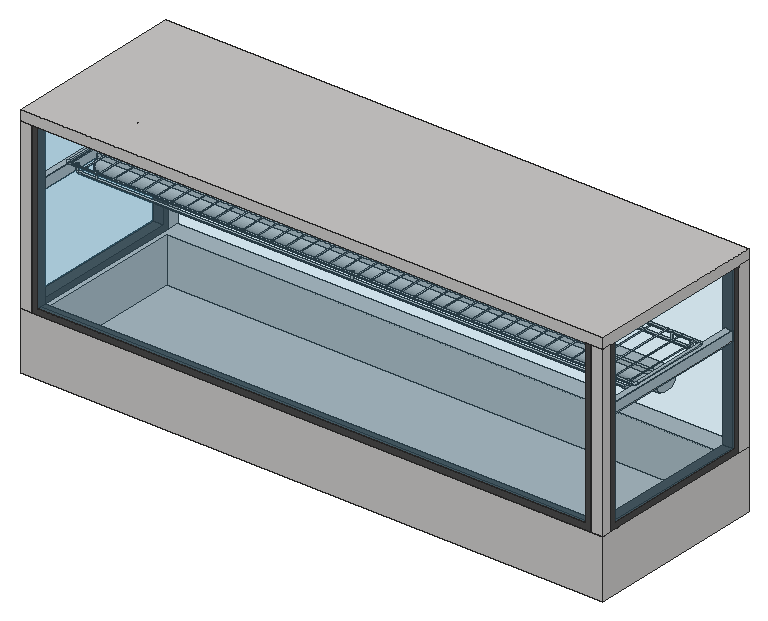
Revit family "QF_FESTIVE_DB20", category Specialty Equipment, Revit 2020
Family settings
  Round Connector Dimension = Use Diameter
  Part Type = Normal
  Work Plane-Based = No
  Always vertical = Yes
  Cut with Voids When Loaded = No
  Shared = No
  Room Calculation Point = No
Parameters (values of type "DB20")
  Weight in Pounds = 0
  Watts = if(Phase = 3, Volts * FL Amps * 1.73, Volts * FL Amps)  # 5742 W
  Volts = 220 V
  URL Cutsheet = ""
  Specification by User = ""
  Specification by Manufacturer = ""
  Serial Number = ""
  Seismic Rating = ""
  SMACNA No = ""
  Revision Code = ""
  Phase = 1
  Number of Poles = 1
  No. of Rail [instance] = Length / 50.8 mm  # 40
  NAFEM Spec ID Number = ""
  Model = "DB20"
  Min Ckt Ampacity = 0 A
  Max Overcurrent Protection = 0 A
  Masterspec = ""
  Manufacturer = "FESTIVE"
  Length = 2045 mm
  Item Number = ""
  Installed By = ""
  Identify Quantity as Lot = yes
  Height = 830 mm
  HP = ""
  Furnished By = ""
  Foodservice Equipment Identifier = yes
  FL Amps = 26.1 A
  Electrical Remarks = ""
  Electric Connection Type = ""
  Elec Conn RI Height = 0 mm
  Elec Conn Connection Height = 0 mm
  Description = "DEVON: BAIN MARIE"
  Depth = 640 mm
  Default Elevation = 0 mm
  Cycle = 50 Hz
  Conn Plug = ""
  Conn Conduit = yes
  CSI MasterFormat = ""
  Apparent Power = if(Phase = 3, Volts * FL Amps * 1.73, Volts * FL Amps)  # 5742 VA
Reference planes
  plane 1 "BACK": y = 0
  plane 2: z = 0
  plane 3 "LEFT": x = 0
  plane 4 "RIGHT": x = 2045
  plane 5 "FRONT": y = -640
  plane 6 "TOP": z = 830
  plane 7 "Center Y": x = 1022.5
  plane 8 "Center X": y = -320
  plane 9: z = 205
  plane 10: x = 1459.9
  plane 11: x = 40.989
  plane 12: x = 2004.011
Forms (mm)
  Extrusion 1, solid, material "QF_Metal - Stainless - Satin"
    sketch origin (0, 0, 0) x (0, 1, 0) y (0, 0, 1)
      loop
        line (0, 793) -> (0, 830) -> (-640, 830) -> (-640, 793) -> (0, 793)
    from 0 to 2045
  Extrusion 2, solid, material "QF_Metal - Stainless - Satin"
    sketch origin (0, 0, 0) x (0, 1, 0) y (0, 0, 1)
      loop
        line (0, 793) -> (-40.1, 793) -> (-40.1, 205) -> (0, 205) -> (0, 793)
    from 0 to 40.1
  Extrusion 3, solid, material "QF_Metal - Stainless - Satin"
    sketch origin (0, 0, 0) x (0, 1, 0) y (0, 0, 1)
      loop
        line (-608, 793) -> (-640, 793) -> (-640, 205) -> (-608, 205) -> (-608, 793)
    from 0 to 40.1
  Extrusion 4, solid, material "QF_Metal - Stainless - Satin"
    sketch origin (2045, 0, 0) x (0, -1, 0) y (0, 0, 1)
      loop
        line (0, 793) -> (0, 205) -> (40.1, 205) -> (40.1, 793) -> (0, 793)
    from 0 to 40.1
  Extrusion 5, solid, material "QF_Plastic - Black - Smooth"
    sketch origin (0, -640, 205) x (0, 0, -1) y (1, 0, 0)
      loop
        line (-588, 40.1) -> (0, 40.1) -> (0, 2004.9) -> (-588, 2004.9) -> (-588, 1984.9) -> (-20, 1984.9) -> (-20, 60.1) -> (-588, 60.1) -> (-588, 40.1)
    from 0 to -32
  Extrusion 6, solid, material "Glass"
    sketch origin (0, -640, 205) x (0, 0, -1) y (1, 0, 0)
      loop
        line (-588, 60.1) -> (-20, 60.1) -> (-20, 1984.9) -> (-588, 1984.9) -> (-588, 60.1)
    from 0 to -10
  Extrusion 7, solid, material "QF_Plastic - Black - Smooth"
    sketch origin (0, 0, 0) x (0, -1, 0) y (0, 0, 1)
      loop
        line (40.1, 793) -> (40.1, 205) -> (608, 205) -> (608, 793) -> (588, 793) -> (588, 225) -> (60.1, 225) -> (60.1, 793) -> (40.1, 793)
    from 0 to -40.1
  Extrusion 8, solid, material "Glass"
    sketch origin (0, 0, 0) x (0, 1, 0) y (0, 0, -1)
      loop
        line (-588, -793) -> (-60.1, -793) -> (-60.1, -225) -> (-588, -225) -> (-588, -793)
    from 0 to -5.1
  Sweep 9, solid, material "QF_Metal - Stainless - Satin"
    path origin (0, 0, 598.437) x (1, 0, 0) y (0, 1, 0)
      loop
        arc (33.118, -173.147) -> (27.808, -175.347) -> (25.609, -180.657) r 7.509
        line (25.609, -180.657) -> (25.609, -458.823)
        arc (25.609, -458.823) -> (27.805, -464.127) -> (33.109, -466.323) r 7.5
        line (33.109, -466.323) -> (2011.437, -466.323)
        arc (2011.437, -466.323) -> (2016.741, -464.127) -> (2018.937, -458.823) r 7.5
        line (2018.937, -458.823) -> (2018.937, -180.647)
        arc (2018.937, -180.647) -> (2016.741, -175.344) -> (2011.437, -173.147) r 7.5
        line (2011.437, -173.147) -> (33.118, -173.147)
    profile origin (1022.278, -173.147, 598.437) x (0, 1, 0) y (0, 0, 1)
      loop
        circle (0.813, 0) r 3.5
  Sweep 10, solid, material "QF_Metal - Stainless - Satin"
    path origin (0, -459.587, 0) x (1, 0, 0) y (0, 0, 1)
      loop
        line (56, 600.75) -> (56, 583.379)
        arc (56, 583.379) -> (58.255, 577.934) -> (63.7, 575.679) r 7.7
        line (63.7, 575.679) -> (1981.29, 575.679)
        arc (1981.29, 575.679) -> (1986.742, 577.937) -> (1989, 583.389) r 7.71
        line (1989, 583.389) -> (1989, 600.75)
    profile origin (56, -459.587, 592.064) x (0, -1, 0) y (1, 0, 0)
      loop
        circle (0, 0) r 3.5
  Extrusion 11, solid, material "QF_Metal - Stainless - Satin"
    sketch origin (-90, 0, 0) x (1, 0, 0) y (0, 1, 0)
      loop
        circle (214.245, -459.502) r 3.409
    from 576.5 to 600.75
  Extrusion 12, solid, material "QF_Metal - Stainless - Satin"
    sketch origin (483.255, 0, 0) x (1, 0, 0) y (0, 1, 0)
      loop
        circle (539.245, -459.502) r 3.409
    from 576.5 to 600.75
  Extrusion 13, solid, material "QF_Metal - Stainless - Satin"
    sketch origin (0, 0, 0) x (1, 0, 0) y (0, 0, 1)
      loop
        circle (42.498, 603.487) r 1.509
    from 173.5 to 466.5
  Sweep 14, solid, material "QF_Metal - Stainless - Satin"
    path origin (0, -180.413, 0) x (1, 0, 0) y (0, 0, -1)
      loop
        line (56, -600.75) -> (56, -583.379)
        arc (56, -583.379) -> (58.255, -577.934) -> (63.7, -575.679) r 7.7
        line (63.7, -575.679) -> (1981.29, -575.679)
        arc (1981.29, -575.679) -> (1986.742, -577.937) -> (1989, -583.389) r 7.71
        line (1989, -583.389) -> (1989, -600.75)
    profile origin (56, -180.413, 592.064) x (0, 1, 0) y (-1, 0, 0)
      loop
        circle (0, 0) r 3.5
  Extrusion 15, solid, material "QF_Metal - Stainless - Satin"
    sketch origin (-90, -640, 0) x (1, 0, 0) y (0, 1, 0)
      loop
        circle (214.245, 459.502) r 3.409
    from 576.5 to 600.75
  Extrusion 16, solid, material "QF_Metal - Stainless - Satin"
    sketch origin (483.255, -640, 0) x (1, 0, 0) y (0, 1, 0)
      loop
        circle (539.245, 459.502) r 3.409
    from 576.5 to 600.75
  Extrusion 17, solid, material "QF_Metal - Stainless - Satin"
    sketch origin (0, -650.445, 0) x (1, 0, 0) y (0, -1, 0)
      loop
        line (2045, -10.445) -> (0, -10.445) -> (0, -650.445) -> (2045, -650.445) -> (2045, -10.445)
      loop
        line (57, -65.445) -> (57, -580.445) -> (1990, -580.445) -> (1990, -65.445) -> (57, -65.445)
    from 0 to -205
  Extrusion 18, solid, material "QF_Metal - Stainless - Satin"
    sketch origin (0, -650.445, 0) x (0, 1, 0) y (1, 0, 0)
      loop
        line (65.445, 57) -> (580.445, 57) -> (580.445, 1990) -> (65.445, 1990) -> (65.445, 57)
    from 0 to -47
  Extrusion 19, solid, material "QF_Metal - Stainless - Satin"
    sketch origin (347, 0, -216.078) x (0, 1, 0) y (0, 0, 1)
      loop
        line (-345, 792.076) -> (-345, 776.085)
        arc (-345, 776.085) -> (-357.596, 753.232) -> (-345, 730.378) r 27.029
        arc (-345, 730.378) -> (-320, 727.581) -> (-295, 730.378) r 113.108
        arc (-295, 730.378) -> (-282.404, 753.232) -> (-295, 776.085) r 27.029
        line (-295, 776.085) -> (-295, 792.076)
        arc (-295, 792.076) -> (-295.856, 794.144) -> (-297.924, 795) r 2.924
        line (-297.924, 795) -> (-342.076, 795)
        arc (-342.076, 795) -> (-344.144, 794.144) -> (-345, 792.076) r 2.924
    from -313 to 1664
  Extrusion 20, solid, material "QF_Metal - Stainless - Satin"
    sketch origin (-28, 0, -216.078) x (0, 1, 0) y (0, 0, 1)
      loop
        arc (-295, 792.076) -> (-295.856, 794.144) -> (-297.924, 795) r 2.924
        line (-297.924, 795) -> (-342.076, 795)
        arc (-342.076, 795) -> (-344.144, 794.144) -> (-345, 792.076) r 2.924
        line (-345, 792.076) -> (-345, 776.085)
        arc (-345, 776.085) -> (-357.596, 753.232) -> (-345, 730.378) r 27.029
        arc (-345, 730.378) -> (-320, 727.581) -> (-295, 730.378) r 113.108
        arc (-295, 730.378) -> (-282.404, 753.232) -> (-295, 776.085) r 27.029
        line (-295, 776.085) -> (-295, 792.076)
      loop
        arc (-298.5, 786) -> (-298.793, 786.707) -> (-299.5, 787) r 1
        line (-299.5, 787) -> (-301.5, 787)
        arc (-301.5, 787) -> (-302.207, 786.707) -> (-302.5, 786) r 1
        line (-302.5, 786) -> (-302.5, 774)
        arc (-302.5, 774) -> (-302.207, 773.293) -> (-301.5, 773) r 1
        line (-301.5, 773) -> (-299.5, 773)
        arc (-299.5, 773) -> (-298.793, 773.293) -> (-298.5, 774) r 1
        line (-298.5, 774) -> (-298.5, 786)
      loop
        arc (-305, 786) -> (-305.293, 786.707) -> (-306, 787) r 1
        line (-306, 787) -> (-308, 787)
        arc (-308, 787) -> (-308.707, 786.707) -> (-309, 786) r 1
        line (-309, 786) -> (-309, 774)
        arc (-309, 774) -> (-308.707, 773.293) -> (-308, 773) r 1
        line (-308, 773) -> (-306, 773)
        arc (-306, 773) -> (-305.293, 773.293) -> (-305, 774) r 1
        line (-305, 774) -> (-305, 786)
      loop
        arc (-311.5, 786) -> (-311.793, 786.707) -> (-312.5, 787) r 1
        line (-312.5, 787) -> (-314.5, 787)
        arc (-314.5, 787) -> (-315.207, 786.707) -> (-315.5, 786) r 1
        line (-315.5, 786) -> (-315.5, 774)
        arc (-315.5, 774) -> (-315.207, 773.293) -> (-314.5, 773) r 1
        line (-314.5, 773) -> (-312.5, 773)
        arc (-312.5, 773) -> (-311.793, 773.293) -> (-311.5, 774) r 1
        line (-311.5, 774) -> (-311.5, 786)
      loop
        arc (-318, 786) -> (-318.293, 786.707) -> (-319, 787) r 1
        line (-319, 787) -> (-321, 787)
        arc (-321, 787) -> (-321.707, 786.707) -> (-322, 786) r 1
        line (-322, 786) -> (-322, 774)
        arc (-322, 774) -> (-321.707, 773.293) -> (-321, 773) r 1
        line (-321, 773) -> (-319, 773)
        arc (-319, 773) -> (-318.293, 773.293) -> (-318, 774) r 1
        line (-318, 774) -> (-318, 786)
      loop
        arc (-324.5, 786) -> (-324.793, 786.707) -> (-325.5, 787) r 1
        line (-325.5, 787) -> (-327.5, 787)
        arc (-327.5, 787) -> (-328.207, 786.707) -> (-328.5, 786) r 1
        line (-328.5, 786) -> (-328.5, 774)
        arc (-328.5, 774) -> (-328.207, 773.293) -> (-327.5, 773) r 1
        line (-327.5, 773) -> (-325.5, 773)
        arc (-325.5, 773) -> (-324.793, 773.293) -> (-324.5, 774) r 1
        line (-324.5, 774) -> (-324.5, 786)
      loop
        arc (-331, 786) -> (-331.293, 786.707) -> (-332, 787) r 1
        line (-332, 787) -> (-334, 787)
        arc (-334, 787) -> (-334.707, 786.707) -> (-335, 786) r 1
        line (-335, 786) -> (-335, 774)
        arc (-335, 774) -> (-334.707, 773.293) -> (-334, 773) r 1
        line (-334, 773) -> (-332, 773)
        arc (-332, 773) -> (-331.293, 773.293) -> (-331, 774) r 1
        line (-331, 774) -> (-331, 786)
      loop
        arc (-337.5, 786) -> (-337.793, 786.707) -> (-338.5, 787) r 1
        line (-338.5, 787) -> (-340.5, 787)
        arc (-340.5, 787) -> (-341.207, 786.707) -> (-341.5, 786) r 1
        line (-341.5, 786) -> (-341.5, 774)
        arc (-341.5, 774) -> (-341.207, 773.293) -> (-340.5, 773) r 1
        line (-340.5, 773) -> (-338.5, 773)
        arc (-338.5, 773) -> (-337.793, 773.293) -> (-337.5, 774) r 1
        line (-337.5, 774) -> (-337.5, 786)
    from 60.1 to 62
  Extrusion 21, solid, material "QF_Metal - Stainless - Satin", not visible
    sketch origin (0, 0, 201.118) x (0, 0, 1) y (1, 0, 0)
      loop
        line (-111.118, 1185.678) -> (-211.118, 1185.678) -> (-211.118, 855.678) -> (-111.118, 855.678) -> (-111.118, 1185.678)
    from 0 to 1.5
  Extrusion 22, solid, material "QF_Plastic - Black - Smooth", not visible
    sketch origin (37.803, 1.5, 184.282) x (0, 0, 1) y (1, 0, 0)
      loop
        line (-127.243, 1007.875) -> (-159.243, 1007.875) -> (-159.243, 993.875) -> (-127.243, 993.875) -> (-127.243, 1007.875)
      loop
        line (-155.243, 1004.875) -> (-155.243, 996.875) -> (-131.243, 996.875) -> (-131.243, 1004.875) -> (-155.243, 1004.875)
      loop
        circle (-144.275, 967.799) r 8.453
    from 0 to 1.5
  Extrusion 23, solid, material "QF_Plastic - Red - Smooth", not visible
    sketch origin (951.803, 1.5, 44.163) x (0, 0, -1) y (0, 1, 0)
      loop
        line (-10.247, 1.5) -> (15.125, 1.5) -> (15.125, 5.552)
        arc (15.125, 5.552) -> (2.51, 3.618) -> (-10.247, 3.224) r 105.368
        line (-10.247, 3.224) -> (-10.247, 1.5)
    from 82.875 to 90.875
  Revolve 24, solid, material "QF_Metal - Stainless - Satin", not visible
    sketch origin (955.614, 0, -14.69) x (0, 1, 0) y (0, 0, 1)
      loop
        line (9.399, 54.68) -> (9.399, 69.967) -> (3.413, 80.768) -> (1.5, 80.768) -> (1.5, 54.68) -> (9.399, 54.68)
      axis (1.5, 54.68) -> (9.399, 54.68)
    angle from 0 to 360
  Extrusion 25, solid, material "QF_Metal - Stainless - Satin", not visible
    sketch origin (955.614, 9.399, 39.989) x (-1, 0, 0) y (0, 0, 1)
      loop
        arc (0, 15.288) -> (-2.018, 15.154) -> (-4, 14.755) r 15.288
        line (-4, 14.755) -> (-4, -14.755)
        arc (-4, -14.755) -> (-2.018, -15.154) -> (0, -15.288) r 15.288
        arc (0, -15.288) -> (2.018, -15.154) -> (4, -14.755) r 15.288
        line (4, -14.755) -> (4, 14.755)
        arc (4, 14.755) -> (2.018, 15.154) -> (0, 15.288) r 15.288
    from 0 to 14.801
  Extrusion 26, solid, material "QF_Plastic - Red - Smooth", not visible
    sketch origin (37.803, 3, 184.282) x (0, 0, 1) y (1, 0, 0)
      loop
        circle (-144.275, 967.799) r 6.5
    from 0 to 4.052
  Extrusion 27, solid, material "QF_Metal - Stainless - Satin"
    sketch origin (0, -60.1, 753) x (0, 0, 1) y (-1, 0, 0)
      loop
        arc (-157.938, -9.475) -> (-158.37, -8.432) -> (-159.413, -8) r 1.475
        line (-159.413, -8) -> (-192.5, -8)
        arc (-192.5, -8) -> (-193.561, -8.439) -> (-194, -9.5) r 1.5
        line (-194, -9.5) -> (-194, -30.6)
        arc (-194, -30.6) -> (-193.561, -31.661) -> (-192.5, -32.1) r 1.5
        line (-192.5, -32.1) -> (-159.438, -32.1)
        arc (-159.438, -32.1) -> (-158.377, -31.661) -> (-157.938, -30.6) r 1.5
        line (-157.938, -30.6) -> (-157.938, -9.475)
      loop
        line (-157.938, -2035.525) -> (-157.938, -2014.4)
        arc (-157.938, -2014.4) -> (-158.377, -2013.339) -> (-159.438, -2012.9) r 1.5
        line (-159.438, -2012.9) -> (-192.5, -2012.9)
        arc (-192.5, -2012.9) -> (-193.561, -2013.339) -> (-194, -2014.4) r 1.5
        line (-194, -2014.4) -> (-194, -2035.5)
        arc (-194, -2035.5) -> (-193.561, -2036.561) -> (-192.5, -2037) r 1.5
        line (-192.5, -2037) -> (-159.413, -2037)
        arc (-159.413, -2037) -> (-158.37, -2036.568) -> (-157.938, -2035.525) r 1.475
    from 0 to 527.9
  Extrusion 28, solid, material "QF_Plastic - Black - Smooth"
    sketch origin (2045, 0, 0) x (0, -1, 0) y (0, 0, 1)
      loop
        line (40.1, 793) -> (40.1, 205) -> (608, 205) -> (608, 793) -> (588, 793) -> (588, 225) -> (60.1, 225) -> (60.1, 793) -> (40.1, 793)
    from 40 to 0
  Extrusion 29, solid, material "Glass"
    sketch origin (2045, 0, 0) x (0, -1, 0) y (0, 0, 1)
      loop
        line (588, 793) -> (60.1, 793) -> (60.1, 225) -> (588, 225) -> (588, 793)
    from 5 to 0
  Extrusion 30, solid, material "QF_Metal - Stainless - Satin"
    sketch origin (1.822, 0, 216.118) x (0, 0, 1) y (1, 0, 0)
      loop
        line (-111.118, 1185.678) -> (-211.118, 1185.678) -> (-211.118, 855.678) -> (-111.118, 855.678) -> (-111.118, 1185.678)
    from 0 to 1.5
  Extrusion 31, solid, material "QF_Plastic - Black - Smooth"
    sketch origin (39.625, 1.5, 199.282) x (0, 0, 1) y (1, 0, 0)
      loop
        line (-127.243, 1007.875) -> (-159.243, 1007.875) -> (-159.243, 993.875) -> (-127.243, 993.875) -> (-127.243, 1007.875)
      loop
        line (-155.243, 1004.875) -> (-155.243, 996.875) -> (-131.243, 996.875) -> (-131.243, 1004.875) -> (-155.243, 1004.875)
      loop
        circle (-144.275, 967.799) r 8.453
    from 0 to 1.5
  Extrusion 32, solid, material "QF_Plastic - Red - Smooth"
    sketch origin (953.625, 1.5, 59.163) x (0, 0, -1) y (0, 1, 0)
      loop
        line (-10.247, 1.5) -> (15.125, 1.5) -> (15.125, 5.552)
        arc (15.125, 5.552) -> (2.51, 3.618) -> (-10.247, 3.224) r 105.368
        line (-10.247, 3.224) -> (-10.247, 1.5)
    from 82.875 to 90.875
  Revolve 33, solid, material "QF_Metal - Stainless - Satin"
    sketch origin (957.436, 0, 0.31) x (0, 1, 0) y (0, 0, 1)
      loop
        line (9.399, 54.68) -> (9.399, 69.967) -> (3.413, 80.768) -> (1.5, 80.768) -> (1.5, 54.68) -> (9.399, 54.68)
      axis (1.5, 54.68) -> (9.399, 54.68)
    angle from 0 to 360
  Extrusion 34, solid, material "QF_Metal - Stainless - Satin"
    sketch origin (957.436, 9.399, 54.989) x (-1, 0, 0) y (0, 0, 1)
      loop
        arc (0, 15.288) -> (-2.018, 15.154) -> (-4, 14.755) r 15.288
        line (-4, 14.755) -> (-4, -14.755)
        arc (-4, -14.755) -> (-2.018, -15.154) -> (0, -15.288) r 15.288
        arc (0, -15.288) -> (2.018, -15.154) -> (4, -14.755) r 15.288
        line (4, -14.755) -> (4, 14.755)
        arc (4, 14.755) -> (2.018, 15.154) -> (0, 15.288) r 15.288
    from 0 to 14.801
  Extrusion 35, solid, material "QF_Plastic - Red - Smooth"
    sketch origin (39.625, 3, 199.282) x (0, 0, 1) y (1, 0, 0)
      loop
        circle (-144.275, 967.799) r 6.5
    from 0 to 4.052
  Extrusion 36, solid, material "QF_Metal - Stainless - Satin"
    sketch origin (1160, 0, 0) x (-1, 0, 0) y (0, -1, 0)
      loop
        circle (-760.755, 459.502) r 3.409
    from 576.5 to 600.75
  Extrusion 37, solid, material "QF_Metal - Stainless - Satin"
    sketch origin (1160, -640, 0) x (-1, 0, 0) y (0, -1, 0)
      loop
        circle (-760.755, -459.502) r 3.409
    from 576.5 to 600.75
  Extrusion 38, solid, material "QF_Metal - Stainless - Satin"
    sketch origin (773, 0, -216.078) x (0, 1, 0) y (0, 0, -1)
      loop
        line (-295, -792.076) -> (-295, -776.085)
        arc (-295, -776.085) -> (-282.404, -753.232) -> (-295, -730.378) r 27.029
        arc (-295, -730.378) -> (-320, -727.581) -> (-345, -730.378) r 113.108
        arc (-345, -730.378) -> (-357.596, -753.232) -> (-345, -776.085) r 27.029
        line (-345, -776.085) -> (-345, -792.076)
        arc (-345, -792.076) -> (-344.144, -794.144) -> (-342.076, -795) r 2.924
        line (-342.076, -795) -> (-297.924, -795)
        arc (-297.924, -795) -> (-295.856, -794.144) -> (-295, -792.076) r 2.924
      loop
        line (-298.5, -786) -> (-298.5, -774)
        arc (-298.5, -774) -> (-298.793, -773.293) -> (-299.5, -773) r 1
        line (-299.5, -773) -> (-301.5, -773)
        arc (-301.5, -773) -> (-302.207, -773.293) -> (-302.5, -774) r 1
        line (-302.5, -774) -> (-302.5, -786)
        arc (-302.5, -786) -> (-302.207, -786.707) -> (-301.5, -787) r 1
        line (-301.5, -787) -> (-299.5, -787)
        arc (-299.5, -787) -> (-298.793, -786.707) -> (-298.5, -786) r 1
      loop
        line (-305, -786) -> (-305, -774)
        arc (-305, -774) -> (-305.293, -773.293) -> (-306, -773) r 1
        line (-306, -773) -> (-308, -773)
        arc (-308, -773) -> (-308.707, -773.293) -> (-309, -774) r 1
        line (-309, -774) -> (-309, -786)
        arc (-309, -786) -> (-308.707, -786.707) -> (-308, -787) r 1
        line (-308, -787) -> (-306, -787)
        arc (-306, -787) -> (-305.293, -786.707) -> (-305, -786) r 1
      loop
        line (-311.5, -786) -> (-311.5, -774)
        arc (-311.5, -774) -> (-311.793, -773.293) -> (-312.5, -773) r 1
        line (-312.5, -773) -> (-314.5, -773)
        arc (-314.5, -773) -> (-315.207, -773.293) -> (-315.5, -774) r 1
        line (-315.5, -774) -> (-315.5, -786)
        arc (-315.5, -786) -> (-315.207, -786.707) -> (-314.5, -787) r 1
        line (-314.5, -787) -> (-312.5, -787)
        arc (-312.5, -787) -> (-311.793, -786.707) -> (-311.5, -786) r 1
      loop
        line (-318, -786) -> (-318, -774)
        arc (-318, -774) -> (-318.293, -773.293) -> (-319, -773) r 1
        line (-319, -773) -> (-321, -773)
        arc (-321, -773) -> (-321.707, -773.293) -> (-322, -774) r 1
        line (-322, -774) -> (-322, -786)
        arc (-322, -786) -> (-321.707, -786.707) -> (-321, -787) r 1
        line (-321, -787) -> (-319, -787)
        arc (-319, -787) -> (-318.293, -786.707) -> (-318, -786) r 1
      loop
        line (-324.5, -786) -> (-324.5, -774)
        arc (-324.5, -774) -> (-324.793, -773.293) -> (-325.5, -773) r 1
        line (-325.5, -773) -> (-327.5, -773)
        arc (-327.5, -773) -> (-328.207, -773.293) -> (-328.5, -774) r 1
        line (-328.5, -774) -> (-328.5, -786)
        arc (-328.5, -786) -> (-328.207, -786.707) -> (-327.5, -787) r 1
        line (-327.5, -787) -> (-325.5, -787)
        arc (-325.5, -787) -> (-324.793, -786.707) -> (-324.5, -786) r 1
      loop
        line (-331, -786) -> (-331, -774)
        arc (-331, -774) -> (-331.293, -773.293) -> (-332, -773) r 1
        line (-332, -773) -> (-334, -773)
        arc (-334, -773) -> (-334.707, -773.293) -> (-335, -774) r 1
        line (-335, -774) -> (-335, -786)
        arc (-335, -786) -> (-334.707, -786.707) -> (-334, -787) r 1
        line (-334, -787) -> (-332, -787)
        arc (-332, -787) -> (-331.293, -786.707) -> (-331, -786) r 1
      loop
        line (-337.5, -786) -> (-337.5, -774)
        arc (-337.5, -774) -> (-337.793, -773.293) -> (-338.5, -773) r 1
        line (-338.5, -773) -> (-340.5, -773)
        arc (-340.5, -773) -> (-341.207, -773.293) -> (-341.5, -774) r 1
        line (-341.5, -774) -> (-341.5, -786)
        arc (-341.5, -786) -> (-341.207, -786.707) -> (-340.5, -787) r 1
        line (-340.5, -787) -> (-338.5, -787)
        arc (-338.5, -787) -> (-337.793, -786.707) -> (-337.5, -786) r 1
    from -1239.9 to -1238
  Extrusion 39, solid, material "QF_Metal - Stainless - Satin"
    sketch origin (0, 0, 0) x (1, 0, 0) y (0, 0, -1)
      loop
        circle (56, -30) r 6.35
    from 0 to 3.2
  Extrusion 40, solid, material "QF_Metal - Stainless - Satin"
    sketch origin (2045, 0, 0) x (0, -1, 0) y (0, 0, 1)
      loop
        line (608, 793) -> (608, 205) -> (640, 205) -> (640, 793) -> (608, 793)
    from 0 to 40.1
  Extrusion 41, solid, material "QF_Metal - Stainless - Satin"
    sketch origin (1960.003, 0, 0) x (1, 0, 0) y (0, 0, 1)
      loop
        circle (42.498, 603.487) r 1.509
    from 173.5 to 466.5
  Extrusion 42, solid, material "QF_Metal - Stainless - Satin"
    sketch origin (50.256, 0, 0) x (1, 0, 0) y (0, 0, 1)
      loop
        circle (42.498, 603.487) r 1.509
    from 173.5 to 466.5
  Extrusion 43, solid, material "QF_Metal - Stainless - Satin"
    sketch origin (100.513, 0, 0) x (1, 0, 0) y (0, 0, 1)
      loop
        circle (42.498, 603.487) r 1.509
    from 173.5 to 466.5
  Extrusion 44, solid, material "QF_Metal - Stainless - Satin"
    sketch origin (150.769, 0, 0) x (1, 0, 0) y (0, 0, 1)
      loop
        circle (42.498, 603.487) r 1.509
    from 173.5 to 466.5
  Extrusion 45, solid, material "QF_Metal - Stainless - Satin"
    sketch origin (201.026, 0, 0) x (1, 0, 0) y (0, 0, 1)
      loop
        circle (42.498, 603.487) r 1.509
    from 173.5 to 466.5
  Extrusion 46, solid, material "QF_Metal - Stainless - Satin"
    sketch origin (251.282, 0, 0) x (1, 0, 0) y (0, 0, 1)
      loop
        circle (42.498, 603.487) r 1.509
    from 173.5 to 466.5
  Extrusion 47, solid, material "QF_Metal - Stainless - Satin"
    sketch origin (301.539, 0, 0) x (1, 0, 0) y (0, 0, 1)
      loop
        circle (42.498, 603.487) r 1.509
    from 173.5 to 466.5
  Extrusion 48, solid, material "QF_Metal - Stainless - Satin"
    sketch origin (351.795, 0, 0) x (1, 0, 0) y (0, 0, 1)
      loop
        circle (42.498, 603.487) r 1.509
    from 173.5 to 466.5
  Extrusion 49, solid, material "QF_Metal - Stainless - Satin"
    sketch origin (402.052, 0, 0) x (1, 0, 0) y (0, 0, 1)
      loop
        circle (42.498, 603.487) r 1.509
    from 173.5 to 466.5
  Extrusion 50, solid, material "QF_Metal - Stainless - Satin"
    sketch origin (452.308, 0, 0) x (1, 0, 0) y (0, 0, 1)
      loop
        circle (42.498, 603.487) r 1.509
    from 173.5 to 466.5
  Extrusion 51, solid, material "QF_Metal - Stainless - Satin"
    sketch origin (502.565, 0, 0) x (1, 0, 0) y (0, 0, 1)
      loop
        circle (42.498, 603.487) r 1.509
    from 173.5 to 466.5
  Extrusion 52, solid, material "QF_Metal - Stainless - Satin"
    sketch origin (552.821, 0, 0) x (1, 0, 0) y (0, 0, 1)
      loop
        circle (42.498, 603.487) r 1.509
    from 173.5 to 466.5
  Extrusion 53, solid, material "QF_Metal - Stainless - Satin"
    sketch origin (603.078, 0, 0) x (1, 0, 0) y (0, 0, 1)
      loop
        circle (42.498, 603.487) r 1.509
    from 173.5 to 466.5
  Extrusion 54, solid, material "QF_Metal - Stainless - Satin"
    sketch origin (653.334, 0, 0) x (1, 0, 0) y (0, 0, 1)
      loop
        circle (42.498, 603.487) r 1.509
    from 173.5 to 466.5
  Extrusion 55, solid, material "QF_Metal - Stainless - Satin"
    sketch origin (703.591, 0, 0) x (1, 0, 0) y (0, 0, 1)
      loop
        circle (42.498, 603.487) r 1.509
    from 173.5 to 466.5
  Extrusion 56, solid, material "QF_Metal - Stainless - Satin"
    sketch origin (753.847, 0, 0) x (1, 0, 0) y (0, 0, 1)
      loop
        circle (42.498, 603.487) r 1.509
    from 173.5 to 466.5
  Extrusion 57, solid, material "QF_Metal - Stainless - Satin"
    sketch origin (804.104, 0, 0) x (1, 0, 0) y (0, 0, 1)
      loop
        circle (42.498, 603.487) r 1.509
    from 173.5 to 466.5
  Extrusion 58, solid, material "QF_Metal - Stainless - Satin"
    sketch origin (854.36, 0, 0) x (1, 0, 0) y (0, 0, 1)
      loop
        circle (42.498, 603.487) r 1.509
    from 173.5 to 466.5
  Extrusion 59, solid, material "QF_Metal - Stainless - Satin"
    sketch origin (904.617, 0, 0) x (1, 0, 0) y (0, 0, 1)
      loop
        circle (42.498, 603.487) r 1.509
    from 173.5 to 466.5
  Extrusion 60, solid, material "QF_Metal - Stainless - Satin"
    sketch origin (954.873, 0, 0) x (1, 0, 0) y (0, 0, 1)
      loop
        circle (42.498, 603.487) r 1.509
    from 173.5 to 466.5
  Extrusion 61, solid, material "QF_Metal - Stainless - Satin"
    sketch origin (1005.13, 0, 0) x (1, 0, 0) y (0, 0, 1)
      loop
        circle (42.498, 603.487) r 1.509
    from 173.5 to 466.5
  Extrusion 62, solid, material "QF_Metal - Stainless - Satin"
    sketch origin (1055.386, 0, 0) x (1, 0, 0) y (0, 0, 1)
      loop
        circle (42.498, 603.487) r 1.509
    from 173.5 to 466.5
  Extrusion 63, solid, material "QF_Metal - Stainless - Satin"
    sketch origin (1105.643, 0, 0) x (1, 0, 0) y (0, 0, 1)
      loop
        circle (42.498, 603.487) r 1.509
    from 173.5 to 466.5
  Extrusion 64, solid, material "QF_Metal - Stainless - Satin"
    sketch origin (1155.899, 0, 0) x (1, 0, 0) y (0, 0, 1)
      loop
        circle (42.498, 603.487) r 1.509
    from 173.5 to 466.5
  Extrusion 65, solid, material "QF_Metal - Stainless - Satin"
    sketch origin (1206.156, 0, 0) x (1, 0, 0) y (0, 0, 1)
      loop
        circle (42.498, 603.487) r 1.509
    from 173.5 to 466.5
  Extrusion 66, solid, material "QF_Metal - Stainless - Satin"
    sketch origin (1256.412, 0, 0) x (1, 0, 0) y (0, 0, 1)
      loop
        circle (42.498, 603.487) r 1.509
    from 173.5 to 466.5
  Extrusion 67, solid, material "QF_Metal - Stainless - Satin"
    sketch origin (1306.669, 0, 0) x (1, 0, 0) y (0, 0, 1)
      loop
        circle (42.498, 603.487) r 1.509
    from 173.5 to 466.5
  Extrusion 68, solid, material "QF_Metal - Stainless - Satin"
    sketch origin (1356.925, 0, 0) x (1, 0, 0) y (0, 0, 1)
      loop
        circle (42.498, 603.487) r 1.509
    from 173.5 to 466.5
  Extrusion 69, solid, material "QF_Metal - Stainless - Satin"
    sketch origin (1407.182, 0, 0) x (1, 0, 0) y (0, 0, 1)
      loop
        circle (42.498, 603.487) r 1.509
    from 173.5 to 466.5
  Extrusion 70, solid, material "QF_Metal - Stainless - Satin"
    sketch origin (1457.438, 0, 0) x (1, 0, 0) y (0, 0, 1)
      loop
        circle (42.498, 603.487) r 1.509
    from 173.5 to 466.5
  Extrusion 71, solid, material "QF_Metal - Stainless - Satin"
    sketch origin (1507.695, 0, 0) x (1, 0, 0) y (0, 0, 1)
      loop
        circle (42.498, 603.487) r 1.509
    from 173.5 to 466.5
  Extrusion 72, solid, material "QF_Metal - Stainless - Satin"
    sketch origin (1557.951, 0, 0) x (1, 0, 0) y (0, 0, 1)
      loop
        circle (42.498, 603.487) r 1.509
    from 173.5 to 466.5
  Extrusion 73, solid, material "QF_Metal - Stainless - Satin"
    sketch origin (1608.208, 0, 0) x (1, 0, 0) y (0, 0, 1)
      loop
        circle (42.498, 603.487) r 1.509
    from 173.5 to 466.5
  Extrusion 74, solid, material "QF_Metal - Stainless - Satin"
    sketch origin (1658.464, 0, 0) x (1, 0, 0) y (0, 0, 1)
      loop
        circle (42.498, 603.487) r 1.509
    from 173.5 to 466.5
  Extrusion 75, solid, material "QF_Metal - Stainless - Satin"
    sketch origin (1708.721, 0, 0) x (1, 0, 0) y (0, 0, 1)
      loop
        circle (42.498, 603.487) r 1.509
    from 173.5 to 466.5
  Extrusion 76, solid, material "QF_Metal - Stainless - Satin"
    sketch origin (1758.977, 0, 0) x (1, 0, 0) y (0, 0, 1)
      loop
        circle (42.498, 603.487) r 1.509
    from 173.5 to 466.5
  Extrusion 77, solid, material "QF_Metal - Stainless - Satin"
    sketch origin (1809.234, 0, 0) x (1, 0, 0) y (0, 0, 1)
      loop
        circle (42.498, 603.487) r 1.509
    from 173.5 to 466.5
  Extrusion 78, solid, material "QF_Metal - Stainless - Satin"
    sketch origin (1859.49, 0, 0) x (1, 0, 0) y (0, 0, 1)
      loop
        circle (42.498, 603.487) r 1.509
    from 173.5 to 466.5
  Extrusion 79, solid, material "QF_Metal - Stainless - Satin"
    sketch origin (1909.747, 0, 0) x (1, 0, 0) y (0, 0, 1)
      loop
        circle (42.498, 603.487) r 1.509
    from 173.5 to 466.5
Cuts and joins
  joined: Extrusion 17, Extrusion 18
Lines and regions (mm)
  symbolic lines
    curve 1: line (0, 0, 0) -> (2045, 0, 0)
    curve 2: line (0, -640, 0) -> (0, 0, 0)
    curve 3: line (2045, -640, 0) -> (0, -640, 0)
    curve 4: line (2045, 0, 0) -> (2045, -640, 0)
Dimensions and locks
  equal spacing: plane 3 "LEFT", plane 7 "Center Y", plane 4 "RIGHT"
  "Length": plane 3 "LEFT" to plane 4 "RIGHT"
  equal spacing: plane 5 "FRONT", plane 8 "Center X", plane 1 "BACK"
  "Depth": plane 5 "FRONT" to plane 1 "BACK"
  "Height": plane 6 "TOP" to level
  plane 9 to plane 2 = 205 mm  (x2)
  plane 6 "TOP" to plane 9 = 625 mm  (x2)
  plane 1 "BACK" to plane 5 "FRONT" = 640 mm
  Extrusion 39 sketch curve to plane 3 "LEFT" = 56 mm
  level to Extrusion 39 sketch curve = 30 mm
  Extrusion 27 sketch curve to Extrusion 27 sketch curve to plane 4 "RIGHT" = 24.1 mm locked, 8 mm locked
  Extrusion 38 to Extrusion 38 to plane 4 "RIGHT" = 1.9 mm locked, 32.1 mm locked
  Extrusion 5 sketch curve to Extrusion 5 sketch curve to plane 4 "RIGHT" = 20 mm locked, 40.1 mm locked
  locked: Extrusion 6 sketch curve to plane 4 "RIGHT" at 60.1
  equal spacing: group 3, group 5, group 6, group 7, group 8, group 9, group 10, group 11, group 12, group 13, group 14, group 15, group 16, group 17, group 18, group 19, group 20, group 21, group 22, group 23, group 24, group 25, group 26, group 27, group 28, group 29, group 30, group 31, group 32, group 33, group 34, group 35, group 36, group 37, group 38, group 39, group 40, group 41, group 42, group 4  (x3)
  locked: plane 12 to plane 4 "RIGHT" at 40.989
  locked: Extrusion 30 to plane 7 "Center Y" at 165
  aligned and locked: level to plane 2
  aligned and locked: Extrusion 19 to Extrusion 38
  aligned and locked: Extrusion 1 to plane 4 "RIGHT"
  aligned and locked: plane 12 to Extrusion 41
Automatic sketch dimensions
  Extrusion 23 sketch curve to Extrusion 23 sketch curve = 25.372 mm
  Extrusion 23 sketch curve to Extrusion 23 sketch curve = 1.724 mm
  Extrusion 23 sketch curve to Extrusion 23 sketch curve = 4.052 mm
  Revolve 24 sketch curve to Revolve 24 sketch curve = 1.913 mm
  Revolve 24 sketch curve to Revolve 24 sketch curve = 15.288 mm
  Revolve 24 sketch curve to Revolve 24 sketch curve = 10.8 mm
  Revolve 24 sketch curve to Revolve 24 sketch curve = 3.129 mm
  Revolve 24 sketch curve to Revolve 24 sketch curve = 16.871 mm
  Revolve 24 sketch curve to Revolve 24 sketch curve = 0 mm
  Extrusion 25 sketch curve to Extrusion 25 sketch curve = 0 mm  (x2)
  Revolve 24 to Extrusion 25 sketch curve = 4 mm
  Extrusion 25 sketch curve to Revolve 24 = 4 mm
  Extrusion 21 sketch curve to Extrusion 21 sketch curve = 100 mm
  Extrusion 23 sketch curve to Extrusion 23 sketch curve = 3.127 mm
  Revolve 24 sketch curve to Revolve 24 sketch curve = 5.987 mm
  Extrusion 32 sketch curve to Extrusion 32 sketch curve = 25.372 mm
  Extrusion 32 sketch curve to Extrusion 32 sketch curve = 1.724 mm
  Extrusion 32 sketch curve to Extrusion 32 sketch curve = 4.052 mm
  Revolve 33 sketch curve to Revolve 33 sketch curve = 1.913 mm
  Revolve 33 sketch curve to Revolve 33 sketch curve = 15.288 mm
  Revolve 33 sketch curve to Revolve 33 sketch curve = 10.8 mm
  Revolve 33 sketch curve to Revolve 33 sketch curve = 3.129 mm
  Revolve 33 sketch curve to Revolve 33 sketch curve = 16.871 mm
  Revolve 33 sketch curve to Revolve 33 sketch curve = 0 mm
  Extrusion 34 sketch curve to Extrusion 34 sketch curve = 0 mm  (x2)
  Revolve 33 to Extrusion 34 sketch curve = 4 mm
  Extrusion 34 sketch curve to Revolve 33 = 4 mm
  Extrusion 30 sketch curve to Extrusion 30 sketch curve = 100 mm
  Extrusion 32 sketch curve to Extrusion 32 sketch curve = 3.127 mm
  Revolve 33 sketch curve to Revolve 33 sketch curve = 5.987 mm
  Extrusion 30 sketch curve to Extrusion 30 sketch curve = 330 mm
  Extrusion 31 sketch curve to Extrusion 31 sketch curve = 4 mm  (x2)
  Extrusion 31 sketch curve to Extrusion 31 sketch curve = 14.968 mm
  Extrusion 31 sketch curve to Extrusion 31 sketch curve = 24 mm
  Extrusion 31 sketch curve to Extrusion 31 sketch curve = 26.076 mm
  Extrusion 31 sketch curve to Extrusion 31 sketch curve = 3 mm  (x2)
  Extrusion 31 sketch curve to Extrusion 31 sketch curve = 8 mm
  Extrusion 21 sketch curve to Extrusion 21 sketch curve = 330 mm
  Extrusion 22 sketch curve to Extrusion 22 sketch curve = 4 mm  (x2)
  Extrusion 22 sketch curve to Extrusion 22 sketch curve = 14.968 mm
  Extrusion 22 sketch curve to Extrusion 22 sketch curve = 24 mm
  Extrusion 22 sketch curve to Extrusion 22 sketch curve = 26.076 mm
  Extrusion 22 sketch curve to Extrusion 22 sketch curve = 3 mm  (x2)
  Extrusion 22 sketch curve to Extrusion 22 sketch curve = 8 mm
  curve 3 to plane 3 "LEFT" = 0 mm
  curve 3 to plane 4 "RIGHT" = 0 mm
  plane 5 "FRONT" to curve 3 = 0 mm
  plane 1 "BACK" to curve 2 = 0 mm
  Extrusion 1 sketch curve to plane 5 "FRONT" = 0 mm
  Extrusion 1 sketch curve to plane 1 "BACK" = 0 mm
  Extrusion 1 sketch curve to plane 6 "TOP" = 0 mm
  Extrusion 1 sketch curve to plane 6 "TOP" = 37 mm
  Extrusion 2 sketch curve to plane 9 = 0 mm
  Extrusion 2 sketch curve to plane 1 "BACK" = 0 mm
  Extrusion 2 sketch curve to Extrusion 2 sketch curve = 40.1 mm
  Extrusion 2 sketch curve to plane 6 "TOP" = 37 mm
  Extrusion 3 sketch curve to plane 5 "FRONT" = 0 mm
  Extrusion 3 sketch curve to plane 9 = 0 mm
  Extrusion 3 sketch curve to plane 5 "FRONT" = 32 mm
  Extrusion 3 sketch curve to plane 6 "TOP" = 37 mm
  Extrusion 4 sketch curve to plane 1 "BACK" = 0 mm
  Extrusion 4 sketch curve to plane 9 = 0 mm
  Extrusion 4 sketch curve to Extrusion 4 sketch curve = 40.1 mm
  Extrusion 4 sketch curve to plane 6 "TOP" = 37 mm
  Extrusion 2 to Extrusion 7 sketch curve = 0 mm  (x3)
  Extrusion 7 sketch curve to Extrusion 2 = 0 mm
  Extrusion 2 to Extrusion 7 sketch curve = 20 mm
  Extrusion 7 sketch curve to Extrusion 2 = 20 mm
  Extrusion 7 sketch curve to Extrusion 7 sketch curve = 527.9 mm
  Extrusion 7 sketch curve to Extrusion 7 sketch curve = 20 mm
  plane 9 to Extrusion 8 sketch curve = 20 mm
  Extrusion 8 sketch curve to plane 5 "FRONT" = 52 mm
  plane 1 "BACK" to Extrusion 8 sketch curve = 60.1 mm
  Extrusion 8 sketch curve to plane 6 "TOP" = 37 mm
  plane 3 "LEFT" to Sweep 9 sketch curve = 25.609 mm
  Sweep 9 sketch curve to Sweep 9 sketch curve = 7.5 mm  (x2)
  Sweep 9 sketch curve to Sweep 9 sketch curve = 7.509 mm
  plane 4 "RIGHT" to Sweep 9 sketch curve = 33.563 mm  (x2)
  Sweep 9 sketch curve to plane 8 "Center X" = 146.323 mm
  plane 8 "Center X" to Sweep 9 sketch curve = 139.343 mm
  Sweep 9 sketch curve to profile plane = 0 mm
  Sweep 9 sketch curve to profile plane = 0.813 mm
  plane 3 "LEFT" to Sweep 10 sketch curve = 56 mm
  Sweep 10 sketch curve to Sweep 10 sketch curve = 7.7 mm
  plane 4 "RIGHT" to Sweep 10 sketch curve = 63.71 mm
  Sweep 10 sketch curve to Sweep 10 sketch curve = 7.71 mm
  Sweep 10 sketch curve to plane 6 "TOP" = 254.321 mm
  Sweep 10 sketch curve to Sweep 10 sketch curve = 17.371 mm
  Sweep 10 sketch curve to Sweep 10 sketch curve = 17.361 mm
  Sweep 10 sketch curve to profile plane = 0 mm
  profile plane to Sweep 10 sketch curve = 0 mm
  plane 3 "LEFT" to Extrusion 11 sketch curve = 124.245 mm
  Extrusion 11 sketch curve to plane 8 "Center X" = 139.502 mm
  Extrusion 12 sketch curve to plane 7 "Center Y" = 0 mm
  Extrusion 12 sketch curve to plane 8 "Center X" = 139.502 mm
  plane 3 "LEFT" to Sweep 14 sketch curve = 56 mm
  Sweep 14 sketch curve to Sweep 14 sketch curve = 7.7 mm
  plane 4 "RIGHT" to Sweep 14 sketch curve = 63.71 mm
  Sweep 14 sketch curve to Sweep 14 sketch curve = 7.71 mm
  Sweep 14 sketch curve to plane 6 "TOP" = 246.611 mm
  Sweep 14 sketch curve to Sweep 14 sketch curve = 17.371 mm
  Sweep 14 sketch curve to Sweep 14 sketch curve = 17.361 mm
  Sweep 14 sketch curve to profile plane = 0 mm  (x2)
  Extrusion 15 sketch curve to plane 3 "LEFT" = 124.245 mm
  Extrusion 15 sketch curve to plane 8 "Center X" = 139.502 mm
  Extrusion 16 sketch curve to plane 7 "Center Y" = 0 mm
  Extrusion 16 sketch curve to plane 8 "Center X" = 139.502 mm
  Extrusion 17 sketch curve to plane 3 "LEFT" = 0 mm
  plane 1 "BACK" to Extrusion 17 sketch curve = 0 mm
  Extrusion 17 sketch curve to plane 4 "RIGHT" = 0 mm
  plane 5 "FRONT" to Extrusion 17 sketch curve = 0 mm
  plane 3 "LEFT" to Extrusion 17 sketch curve = 57 mm
  plane 4 "RIGHT" to Extrusion 17 sketch curve = 55 mm
  Extrusion 17 sketch curve to plane 5 "FRONT" = 55 mm
  plane 1 "BACK" to Extrusion 17 sketch curve = 70 mm
  Extrusion 17 to Extrusion 18 sketch curve = 0 mm
  Extrusion 18 sketch curve to Extrusion 17 = 0 mm  (x3)
  Extrusion 19 sketch curve to plane 8 "Center X" = 0 mm
  Extrusion 19 sketch curve to plane 8 "Center X" = 10.567 mm
  Extrusion 19 sketch curve to plane 8 "Center X" = 22.076 mm
  Extrusion 19 sketch curve to Extrusion 19 sketch curve = 2.924 mm  (x2)
  plane 8 "Center X" to Extrusion 19 sketch curve = 10.567 mm
  plane 8 "Center X" to Extrusion 19 sketch curve = 22.076 mm
  Extrusion 19 sketch curve to plane 6 "TOP" = 292.846 mm
  Extrusion 19 sketch curve to Extrusion 19 sketch curve = 0 mm
  Extrusion 19 sketch curve to Extrusion 19 sketch curve = 22.853 mm  (x2)
  Extrusion 19 sketch curve to Extrusion 19 sketch curve = 15.991 mm
  Extrusion 19 sketch curve to Extrusion 19 sketch curve = 45.689 mm
  Extrusion 19 sketch curve to plane 8 "Center X" = 25 mm
  Extrusion 20 sketch curve to plane 8 "Center X" = 0 mm
  Extrusion 20 sketch curve to plane 8 "Center X" = 1 mm  (x2)
  Extrusion 20 sketch curve to Extrusion 20 sketch curve = 1 mm  (x26)
  Extrusion 20 sketch curve to Extrusion 20 sketch curve = 2.5 mm  (x6)
  Extrusion 20 sketch curve to Extrusion 20 sketch curve = 2 mm  (x12)
  Extrusion 20 sketch curve to plane 8 "Center X" = 10.567 mm
  Extrusion 20 sketch curve to Extrusion 20 sketch curve = 1.576 mm  (x2)
  Extrusion 20 sketch curve to Extrusion 20 sketch curve = 2.924 mm
  plane 8 "Center X" to Extrusion 20 sketch curve = 1 mm  (x2)
  plane 8 "Center X" to Extrusion 20 sketch curve = 10.567 mm
  Extrusion 20 sketch curve to Extrusion 20 sketch curve = 3.5 mm
  Extrusion 20 sketch curve to plane 6 "TOP" = 292.846 mm
  Extrusion 20 sketch curve to Extrusion 20 sketch curve = 0 mm  (x7)
  Extrusion 20 sketch curve to Extrusion 20 sketch curve = 19.768 mm
  Extrusion 20 sketch curve to Extrusion 20 sketch curve = 2.085 mm  (x2)
  Extrusion 20 sketch curve to Extrusion 20 sketch curve = 12 mm
  Extrusion 20 sketch curve to Extrusion 20 sketch curve = 5.076 mm
  Extrusion 20 sketch curve to Extrusion 20 sketch curve = 45.689 mm
  Extrusion 20 sketch curve to plane 8 "Center X" = 25 mm
  Extrusion 7 to Extrusion 27 sketch curve = 234 mm  (x2)
  Extrusion 7 to Extrusion 27 sketch curve = 9.5 mm  (x3)
  Extrusion 27 sketch curve to Extrusion 27 sketch curve = 1.5 mm  (x5)
  Extrusion 27 sketch curve to Extrusion 27 sketch curve = 33.062 mm  (x2)
  Extrusion 27 sketch curve to Extrusion 27 sketch curve = 0.025 mm
  Extrusion 27 sketch curve to Extrusion 27 sketch curve = 1.475 mm
  Extrusion 28 sketch curve to plane 9 = 0 mm
  plane 1 "BACK" to Extrusion 28 sketch curve = 40.1 mm
  Extrusion 28 sketch curve to Extrusion 28 sketch curve = 20 mm  (x2)
  plane 9 to Extrusion 28 sketch curve = 20 mm
  Extrusion 28 sketch curve to plane 5 "FRONT" = 52 mm
  Extrusion 28 sketch curve to plane 6 "TOP" = 37 mm  (x2)
  plane 1 "BACK" to Extrusion 29 sketch curve = 60.1 mm
  plane 9 to Extrusion 29 sketch curve = 20 mm
  Extrusion 29 sketch curve to plane 5 "FRONT" = 52 mm
  Extrusion 29 sketch curve to plane 6 "TOP" = 37 mm
  Extrusion 36 sketch curve to plane 4 "RIGHT" = 124.245 mm
  plane 8 "Center X" to Extrusion 36 sketch curve = 139.502 mm
  plane 4 "RIGHT" to Extrusion 37 sketch curve = 124.245 mm
  plane 8 "Center X" to Extrusion 37 sketch curve = 139.502 mm
  Extrusion 38 sketch curve to plane 8 "Center X" = 0 mm
  Extrusion 38 sketch curve to plane 8 "Center X" = 1 mm  (x2)
  Extrusion 38 sketch curve to Extrusion 38 sketch curve = 1 mm  (x25)
  Extrusion 38 sketch curve to Extrusion 38 sketch curve = 2.5 mm  (x6)
  Extrusion 38 sketch curve to Extrusion 38 sketch curve = 2 mm  (x12)
  Extrusion 38 sketch curve to plane 8 "Center X" = 10.567 mm
  Extrusion 38 sketch curve to Extrusion 38 sketch curve = 1.576 mm  (x2)
  Extrusion 38 sketch curve to Extrusion 38 sketch curve = 2.924 mm
  plane 8 "Center X" to Extrusion 38 sketch curve = 1 mm  (x2)
  plane 8 "Center X" to Extrusion 38 sketch curve = 10.567 mm
  Extrusion 38 sketch curve to Extrusion 38 sketch curve = 3.5 mm
  Extrusion 38 sketch curve to plane 6 "TOP" = 205.389 mm
  Extrusion 38 sketch curve to Extrusion 38 sketch curve = 45.689 mm
  Extrusion 38 sketch curve to Extrusion 38 sketch curve = 5.076 mm  (x2)
  Extrusion 38 sketch curve to Extrusion 38 sketch curve = 9.915 mm  (x2)
  Extrusion 38 sketch curve to Extrusion 38 sketch curve = 12 mm
  Extrusion 38 sketch curve to Extrusion 38 sketch curve = 2.085 mm  (x2)
  Extrusion 38 sketch curve to Extrusion 38 sketch curve = 0 mm  (x4)
  Extrusion 38 sketch curve to Extrusion 38 sketch curve = 19.768 mm  (x2)
  Extrusion 38 sketch curve to plane 8 "Center X" = 25 mm
  Extrusion 40 sketch curve to plane 9 = 0 mm
  Extrusion 40 sketch curve to plane 5 "FRONT" = 0 mm
  Extrusion 40 sketch curve to plane 5 "FRONT" = 32 mm
  Extrusion 40 sketch curve to plane 6 "TOP" = 37 mm
  Extrusion 5 sketch curve to plane 9 = 0 mm
  plane 9 to Extrusion 5 sketch curve = 20 mm
  Extrusion 5 sketch curve to plane 6 "TOP" = 37 mm  (x2)
  plane 3 "LEFT" to Extrusion 5 sketch curve = 60.1 mm
  Extrusion 5 sketch curve to Extrusion 5 sketch curve = 20 mm
  Extrusion 6 sketch curve to plane 6 "TOP" = 37 mm
  plane 9 to Extrusion 6 sketch curve = 20 mm
  plane 3 "LEFT" to Extrusion 6 sketch curve = 60.1 mm
  radius of Extrusion 25 sketch curve to Revolve 24 = 0 mm  (x2)
  radius of Extrusion 34 sketch curve to Revolve 33 = 0 mm  (x2)
  radius of Extrusion 13 sketch curve = 1.509 mm
  radius of Extrusion 31 sketch curve = 8.453 mm
  radius of Extrusion 35 sketch curve to Extrusion 31 = 1.953 mm
  radius of Extrusion 22 sketch curve = 8.453 mm
  radius of Extrusion 26 sketch curve to Extrusion 22 = 1.953 mm
  radius of Sweep 9 sketch curve = 3.5 mm
  radius of Sweep 10 sketch curve = 3.5 mm
  radius of Extrusion 11 sketch curve = 3.409 mm
  radius of Extrusion 12 sketch curve = 3.409 mm
  radius of Sweep 14 sketch curve = 3.5 mm
  radius of Extrusion 15 sketch curve = 3.409 mm
  radius of Extrusion 16 sketch curve = 3.409 mm
  radius of Extrusion 36 sketch curve = 3.409 mm
  radius of Extrusion 37 sketch curve = 3.409 mm
  radius of Extrusion 39 sketch curve = 6.35 mm
  radius of Extrusion 41 sketch curve = 1.509 mm
  radius of Extrusion 42 sketch curve = 1.509 mm
  radius of Extrusion 43 sketch curve = 1.509 mm
  radius of Extrusion 44 sketch curve = 1.509 mm
  radius of Extrusion 45 sketch curve = 1.509 mm
  radius of Extrusion 46 sketch curve = 1.509 mm
  radius of Extrusion 47 sketch curve = 1.509 mm
  radius of Extrusion 48 sketch curve = 1.509 mm
  radius of Extrusion 49 sketch curve = 1.509 mm
  radius of Extrusion 50 sketch curve = 1.509 mm
  radius of Extrusion 51 sketch curve = 1.509 mm
  radius of Extrusion 52 sketch curve = 1.509 mm
  radius of Extrusion 53 sketch curve = 1.509 mm
  radius of Extrusion 54 sketch curve = 1.509 mm
  radius of Extrusion 55 sketch curve = 1.509 mm
  radius of Extrusion 56 sketch curve = 1.509 mm
  radius of Extrusion 57 sketch curve = 1.509 mm
  radius of Extrusion 58 sketch curve = 1.509 mm
  radius of Extrusion 59 sketch curve = 1.509 mm
  radius of Extrusion 60 sketch curve = 1.509 mm
  radius of Extrusion 61 sketch curve = 1.509 mm
  radius of Extrusion 62 sketch curve = 1.509 mm
  radius of Extrusion 63 sketch curve = 1.509 mm
  radius of Extrusion 64 sketch curve = 1.509 mm
  radius of Extrusion 65 sketch curve = 1.509 mm
  radius of Extrusion 66 sketch curve = 1.509 mm
  radius of Extrusion 67 sketch curve = 1.509 mm
  radius of Extrusion 68 sketch curve = 1.509 mm
  radius of Extrusion 69 sketch curve = 1.509 mm
  radius of Extrusion 70 sketch curve = 1.509 mm
  radius of Extrusion 71 sketch curve = 1.509 mm
  radius of Extrusion 72 sketch curve = 1.509 mm
  radius of Extrusion 73 sketch curve = 1.509 mm
  radius of Extrusion 74 sketch curve = 1.509 mm
  radius of Extrusion 75 sketch curve = 1.509 mm
  radius of Extrusion 76 sketch curve = 1.509 mm
  radius of Extrusion 77 sketch curve = 1.509 mm
  radius of Extrusion 78 sketch curve = 1.509 mm
  radius of Extrusion 79 sketch curve = 1.509 mm
Connectors
  electrical at (56, 3.2, 30), driven by "Volts", driven by "Watts"
    settings: on Extrusion 39, index 1, voltage 220 V, apparent load 5742 VA, apparent load phase1 0 VA, apparent load phase2 0 VA, apparent load phase3 0 VA, power factor 1, load classification "Other", number of poles 1, system type 30, power factor state 1, is connector primary yes, connector utility no, sub classification motor no, connector description "ELECTRICAL CONNECTION"
